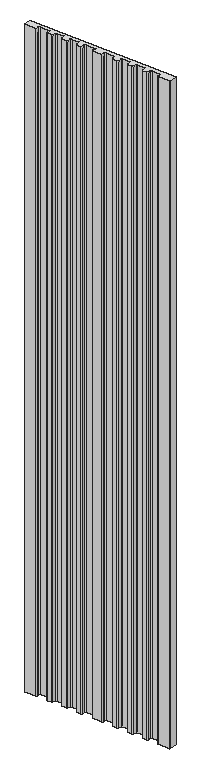
Revit family "ECP_MNF-2550A7", category Generic Models, Revit 2022
Family settings
  Can host rebar = No
  Round Connector Dimension = Use Diameter
  Part Type = Normal
  Work Plane-Based = No
  Always vertical = Yes
  Cut with Voids When Loaded = Yes
  Maintain Annotation Orientation = No
  Shared = No
  Room Calculation Point = No
Parameters (values of type "ECP_MNF-2550A7")
  長さ [instance] = 2000 mm
  穴表示 = yes
  材質 = 40Msr_ECP
  Default Elevation = 0 mm
  既存長さ = 500 mm
  幅 [instance] = 490 mm
  固定寸法 = 490 mm
  厚さ = 26 mm
  メースカット非表示 = yes
  メースカット [instance] = 既存長さ - 幅 - 10 mm  # 0 mm
  オースカット非表示 = no
  オースカット = 0 mm
Reference planes
  plane 1 "中心(正面/背面)": y = 0
  plane 2: z = 0
  plane 3 "中心(左/右)": x = 0
  plane 4: y = -13
  plane 5: y = 13
  plane 6: z = 2000
  plane 7: x = 490
Forms (mm)
  Extrusion 1, solid, material "40Msr_ECP" <- "材質", detail levels fine
    sketch origin (0, 0, 0) x (1, 0, 0) y (0, 1, 0)
      loop
        line (0, -11) -> (2, -13) -> (39.838, -13)
        arc (39.838, -13) -> (42.436, -11.5) -> (42.436, -8.5) r 3
        line (42.436, -8.5) -> (40.127, -4.5)
        arc (40.127, -4.5) -> (40.127, -1.5) -> (42.725, 0) r 3
        line (42.725, 0) -> (73.751, 0)
        arc (73.751, 0) -> (76.049, -1.072) -> (76.706, -3.521) r 3
        line (76.706, -3.521) -> (75.655, -9.479)
        arc (75.655, -9.479) -> (76.311, -11.928) -> (78.61, -13) r 3
        line (78.61, -13) -> (92.034, -13)
        arc (92.034, -13) -> (94.156, -12.121) -> (95.034, -10) r 3
        line (95.034, -10) -> (95.034, -3)
        arc (95.034, -3) -> (95.913, -0.879) -> (98.034, 0) r 3
        line (98.034, 0) -> (122.034, 0)
        arc (122.034, 0) -> (124.156, -0.879) -> (125.034, -3) r 3
        line (125.034, -3) -> (125.034, -10)
        arc (125.034, -10) -> (125.913, -12.121) -> (128.034, -13) r 3
        line (128.034, -13) -> (142.034, -13)
        arc (142.034, -13) -> (144.156, -12.121) -> (145.034, -10) r 3
        line (145.034, -10) -> (145.034, -3)
        arc (145.034, -3) -> (145.913, -0.879) -> (148.034, 0) r 3
        line (148.034, 0) -> (172.034, 0)
        arc (172.034, 0) -> (174.156, -0.879) -> (175.034, -3) r 3
        line (175.034, -3) -> (175.034, -10)
        arc (175.034, -10) -> (175.913, -12.121) -> (178.034, -13) r 3
        line (178.034, -13) -> (191.459, -13)
        arc (191.459, -13) -> (193.757, -11.928) -> (194.414, -9.479) r 3
        line (194.414, -9.479) -> (193.363, -3.521)
        arc (193.363, -3.521) -> (194.019, -1.072) -> (196.317, 0) r 3
        line (196.317, 0) -> (227.344, 0)
        arc (227.344, 0) -> (229.942, -1.5) -> (229.942, -4.5) r 3
        line (229.942, -4.5) -> (227.632, -8.5)
        arc (227.632, -8.5) -> (227.632, -11.5) -> (230.23, -13) r 3
        line (230.23, -13) -> (259.838, -13)
        arc (259.838, -13) -> (262.436, -11.5) -> (262.436, -8.5) r 3
        line (262.436, -8.5) -> (260.127, -4.5)
        arc (260.127, -4.5) -> (260.127, -1.5) -> (262.725, 0) r 3
        line (262.725, 0) -> (293.751, 0)
        arc (293.751, 0) -> (296.049, -1.072) -> (296.706, -3.521) r 3
        line (296.706, -3.521) -> (295.655, -9.479)
        arc (295.655, -9.479) -> (296.311, -11.928) -> (298.61, -13) r 3
        line (298.61, -13) -> (312.034, -13)
        arc (312.034, -13) -> (314.156, -12.121) -> (315.034, -10) r 3
        line (315.034, -10) -> (315.034, -3)
        arc (315.034, -3) -> (315.913, -0.879) -> (318.034, 0) r 3
        line (318.034, 0) -> (342.034, 0)
        arc (342.034, 0) -> (344.156, -0.879) -> (345.034, -3) r 3
        line (345.034, -3) -> (345.034, -10)
        arc (345.034, -10) -> (345.913, -12.121) -> (348.034, -13) r 3
        line (348.034, -13) -> (362.034, -13)
        arc (362.034, -13) -> (364.156, -12.121) -> (365.034, -10) r 3
        line (365.034, -10) -> (365.034, -3)
        arc (365.034, -3) -> (365.913, -0.879) -> (368.034, 0) r 3
        line (368.034, 0) -> (392.034, 0)
        arc (392.034, 0) -> (394.156, -0.879) -> (395.034, -3) r 3
        line (395.034, -3) -> (395.034, -10)
        arc (395.034, -10) -> (395.913, -12.121) -> (398.034, -13) r 3
        line (398.034, -13) -> (411.459, -13)
        arc (411.459, -13) -> (413.757, -11.928) -> (414.413, -9.479) r 3
        line (414.413, -9.479) -> (413.363, -3.521)
        arc (413.363, -3.521) -> (414.019, -1.072) -> (416.317, 0) r 3
        line (416.317, 0) -> (447.344, 0)
        arc (447.344, 0) -> (449.942, -1.5) -> (449.942, -4.5) r 3
        line (449.942, -4.5) -> (447.632, -8.5)
        arc (447.632, -8.5) -> (447.632, -11.5) -> (450.23, -13) r 3
        line (450.23, -13) -> (488, -13) -> (490, -11) -> (490, 11) -> (488, 13) -> (2, 13) -> (0, 11) -> (0, -11)
    from 0 to 2000
  Extrusion 2, void
    sketch origin (-50, 0, 0) x (1, 0, 0) y (0, 1, 0)
      loop
        line (540, -13) -> (550, -13) -> (550, 13) -> (540, 13) -> (540, -13)
    from 0 to 2000
Cuts and joins
  Extrusion 2 cuts Extrusion 1
Lines and regions (mm)
  symbolic lines, style "ECPパネル", detail levels coarse+medium
    curve 1: line (0, 13, 0) -> (490, 13, 0)
    curve 2: line (0, -13, 0) -> (0, 13, 0)
    curve 3: line (490, -13, 0) -> (0, -13, 0)
    curve 4: line (490, 13, 0) -> (490, -13, 0)
    curve 5: line (0, 0, 0) -> (490, 0, 0)
    curve 6: line (0, 0, 2000) -> (0, 0, 0)
    curve 7: line (490, 0, 2000) -> (0, 0, 2000)
    curve 8: line (490, 0, 0) -> (490, 0, 2000)
    curve 9: line (0, -13, 2000) -> (0, 13, 2000)
    curve 10: line (0, -13, 0) -> (0, -13, 2000)
    curve 11: line (0, 13, 0) -> (0, -13, 0)
    curve 12: line (0, 13, 2000) -> (0, 13, 0)
  model lines, detail levels coarse+medium
    curve 13: line (0, 8, 0) -> (0, -8, 0)
Dimensions and locks
  "厚さ": plane 4 to plane 5
  "長さ": plane 6 to level
  equal spacing: plane 4, plane 1 "中心(正面/背面)", plane 5
  "既存長さ": plane 3 "中心(左/右)" to Extrusion 2
  "既存長さ": plane 3 "中心(左/右)" to Extrusion 2 sketch curve
  "長さ": cut or joined group of Extrusion 1, Extrusion 2 to level
  "長さ": Extrusion 2 to level
  "幅": cut or joined group of Extrusion 1, Extrusion 2 to curve 8
  "固定寸法": plane 3 "中心(左/右)" to cut or joined group of Extrusion 1, Extrusion 2
  "幅": plane 3 "中心(左/右)" to plane 7
  "メースカット": Extrusion 2 sketch curve to cut or joined group of Extrusion 1, Extrusion 2
  aligned and locked: level to plane 2
Automatic sketch dimensions
  curve 11 to level = 0 mm
  curve 11 to plane 4 = 0 mm
  curve 11 to plane 5 = 0 mm
  curve 10 to plane 6 = 0 mm
  curve 7 to plane 3 "中心(左/右)" = 0 mm
  curve 7 to plane 6 = 0 mm
  curve 8 to level = 0 mm
  Extrusion 1 sketch curve to plane 3 "中心(左/右)" = 0 mm
  plane 5 to Extrusion 1 sketch curve = 0 mm
  plane 4 to Extrusion 1 sketch curve = 0 mm  (x9)
  plane 1 "中心(正面/背面)" to Extrusion 1 sketch curve = 0 mm  (x8)
  plane 3 "中心(左/右)" to Extrusion 1 sketch curve = 2 mm  (x2)
  Extrusion 1 sketch curve to plane 4 = 3 mm  (x7)
  Extrusion 1 sketch curve to Extrusion 1 sketch curve = 37.838 mm
  plane 1 "中心(正面/背面)" to Extrusion 1 sketch curve = 4.5 mm  (x4)
  Extrusion 1 sketch curve to Extrusion 1 sketch curve = 0.289 mm  (x4)
  Extrusion 1 sketch curve to plane 4 = 4.5 mm  (x4)
  plane 1 "中心(正面/背面)" to Extrusion 1 sketch curve = 3 mm  (x4)
  Extrusion 1 sketch curve to Extrusion 1 sketch curve = 31.026 mm  (x4)
  Extrusion 1 sketch curve to plane 4 = 3.521 mm  (x4)
  Extrusion 1 sketch curve to Extrusion 1 sketch curve = 1.904 mm  (x4)
  plane 1 "中心(正面/背面)" to Extrusion 1 sketch curve = 3.521 mm  (x4)
  Extrusion 1 sketch curve to Extrusion 1 sketch curve = 2.954 mm  (x6)
  Extrusion 1 sketch curve to Extrusion 1 sketch curve = 13.425 mm  (x4)
  Extrusion 1 sketch curve to Extrusion 1 sketch curve = 3 mm  (x10)
  Extrusion 1 sketch curve to Extrusion 1 sketch curve = 24 mm  (x4)
  Extrusion 1 sketch curve to Extrusion 1 sketch curve = 14 mm  (x2)
  Extrusion 1 sketch curve to Extrusion 1 sketch curve = 2.598 mm  (x5)
  Extrusion 1 sketch curve to Extrusion 1 sketch curve = 29.608 mm
  Extrusion 1 sketch curve to Extrusion 1 sketch curve = 38.058 mm
  Extrusion 1 sketch curve to Extrusion 1 sketch curve = 0 mm
  plane 5 to Extrusion 1 sketch curve = 2 mm  (x2)
  Extrusion 1 sketch curve to Extrusion 1 sketch curve = 2 mm
  Extrusion 1 sketch curve to plane 4 = 2 mm  (x2)
  plane 4 to Extrusion 2 sketch curve = 0 mm
  plane 5 to Extrusion 2 sketch curve = 0 mm
  curve 1 to plane 3 "中心(左/右)" = 0 mm
  curve 13 to plane 3 "中心(左/右)" = 0 mm
  plane 4 to curve 4 = 0 mm
  curve 4 to plane 7 = 0 mm
  plane 5 to curve 1 = 0 mm
  curve 13 to plane 4 = 5 mm
  curve 13 to curve 1 = 5 mm
